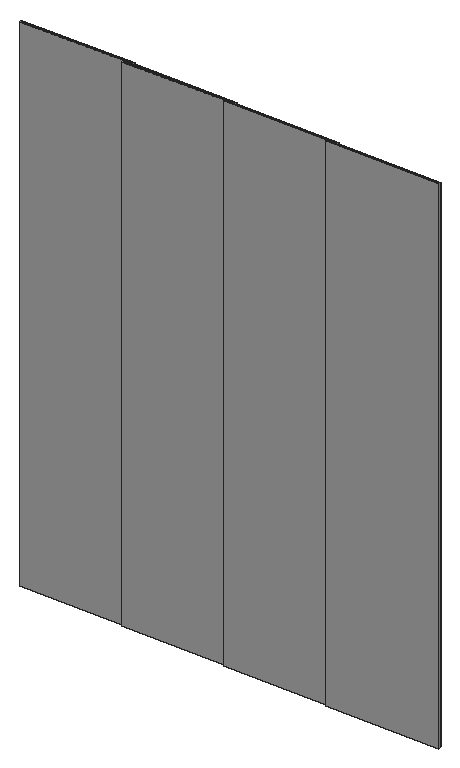
Revit family "SUR-OLP-009_RFA", category Modelos genéricos, Revit 2022
Family settings
  Puede alojar armadura = No
  Cota de conector redondo = Diámetro de uso
  Tipo de pieza = Normal
  Se basa en plano de trabajo = No
  Siempre vertical = Sí
  Corte con vacíos al cargar = No
  Mantener orientación de anotación = No
  Compartido = No
  Punto de cálculo de habitación = No
Parameters
  Elevación por defecto = 0.00"
Reference planes (in)
  plane 1 "Centro (Frontal/Posterior)": y = 0
  plane 2: z = 0
  plane 3 "Centro (Izquierda/Derecha)": x = 0
Forms (in)
  Extrusion 1, solid
    sketch origin (0.00256, -0.11808, 0) x (0.999764, 0.021716, 0) y (0, 0, 1)
      loop
        line (0, 108) -> (0, 0) -> (23.75, 0) -> (23.75, 108) -> (0, 108)
    from -0.35433 to -0.11811
  Extrusion 2, solid
    sketch origin (-0.00812, 0.37369, 0) x (0.999764, 0.021716, 0) y (0, 0, 1)
      loop
        line (0, 108) -> (0, 0) -> (23.75, 0) -> (23.75, 108) -> (0, 108)
    from -0.09866 to 0.13756
  Extrusion 3, solid, not visible
    sketch origin (0, -0.11811, 0) x (1, 0, 0) y (0, 0, 1)
      loop
        line (0, 108) -> (0, 0) -> (23.75, 0) -> (23.75, 108) -> (0, 108)
    from -0.35433 to -0.11811
  Extrusion 4, solid, not visible
    sketch origin (0, 0.37378, 0) x (1, 0, 0) y (0, 0, 1)
      loop
        line (0, 108) -> (0, 0) -> (23.75, 0) -> (23.75, 108) -> (0, 108)
    from -0.09866 to 0.13756
  Extrusion 5, solid
    sketch origin (21.75256, -0.11808, 0) x (0.999764, 0.021716, 0) y (0, 0, 1)
      loop
        line (0, 108) -> (0, 0) -> (23.75, 0) -> (23.75, 108) -> (0, 108)
    from -0.35433 to -0.11811
  Extrusion 6, solid
    sketch origin (21.74188, 0.37369, 0) x (0.999764, 0.021716, 0) y (0, 0, 1)
      loop
        line (0, 108) -> (0, 0) -> (23.75, 0) -> (23.75, 108) -> (0, 108)
    from -0.09866 to 0.13756
  Extrusion 7, solid
    sketch origin (43.50256, -0.11808, 0) x (0.999764, 0.021716, 0) y (0, 0, 1)
      loop
        line (0, 108) -> (0, 0) -> (23.75, 0) -> (23.75, 108) -> (0, 108)
    from -0.35433 to -0.11811
  Extrusion 8, solid
    sketch origin (43.49188, 0.37369, 0) x (0.999764, 0.021716, 0) y (0, 0, 1)
      loop
        line (0, 108) -> (0, 0) -> (23.75, 0) -> (23.75, 108) -> (0, 108)
    from -0.09866 to 0.13756
  Extrusion 9, solid
    sketch origin (65.25256, -0.11808, 0) x (0.999764, 0.021716, 0) y (0, 0, 1)
      loop
        line (0, 108) -> (0, 0) -> (23.75, 0) -> (23.75, 108) -> (0, 108)
    from -0.35433 to -0.11811
  Extrusion 10, solid
    sketch origin (65.24188, 0.37369, 0) x (0.999764, 0.021716, 0) y (0, 0, 1)
      loop
        line (0, 108) -> (0, 0) -> (23.75, 0) -> (23.75, 108) -> (0, 108)
    from -0.09866 to 0.13756
Dimensions and locks (in)
  Extrusion 2 to Extrusion 2 = 23.75"
  aligned and locked: level to plane 2
